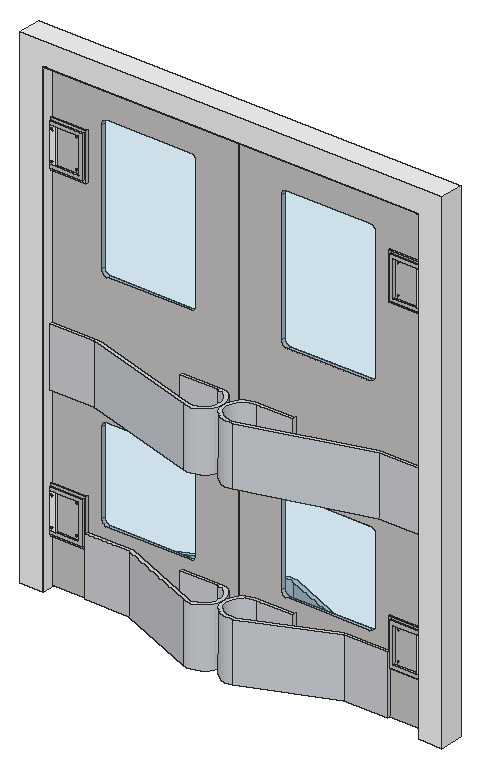
Revit family "KDL-K150-001", category Doors, host Wall, Revit 2014
Parameters
  WarrantyStartDate = "n/a"
  WarrantyGuarantorParts = "n/a"
  WarrantyGuarantorLabor = "n/a"
  WarrantyDurationUnit = "n/a"
  WarrantyDurationParts = "n/a"
  WarrantyDurationLabor = "n/a"
  WarrantyDescription = "n/a"
  VisionPanelFromLockEdge = 180 mm
  VisionPanel2Height = 400 mm
  VisionPanel2FromBottom = 300 mm
  VisionPanelWidth = 400 mm
  VisionPanel1Height = 600 mm
  VisionPanel1FromBottom = 1250 mm
  Version = "1"  # constant formula
  VPRadius = 25 mm
  Uniclass2015Version = "n/a"
  Uniclass2015Title = "n/a"
  Uniclass2015Code = "n/a"
  Undercut [instance] = 10 mm
  URL = "www.kenfield.com"
  Type Comments = "n/a"
  Thickness = 0 mm
  TagNumber = "n/a"
  SustainabilityPerformance = "n/a"
  StructuralOpeningWidth [instance] = 1800 mm
  StructuralOpeningHeight [instance] = 2100 mm
  Size = "n/a"
  Shape = "n/a"
  SerialNumber = "n/a"
  Rough Width = 0 mm
  Rough Height = 0 mm
  Revision = "n/a"
  ReplacementCost = "n/a"
  ProductInformation = "n/a"
  OmniClassVersion = "n/a"
  OmniClassTitle = "n/a"
  OmniClassCode = "n/a"
  NominalWidth = 0 mm
  NominalLength = 0 mm
  NominalHeight = 0 mm
  Name = "n/a"
  NBSTypeID = "n/a"
  NBSReference = "n/a"
  NBSOfficeMasterTag = "n/a"
  NBSNote = "n/a"
  NBSDescription = Description  # "Equal Door 1 Vision Panel NFR"
  NBSCertification = "n/a"
  ModelReference = "n/a"
  ModelNumber = "n/a"
  Model = "n/a"
  Material = "Polyurethane"
  ManufacturerURL = "n/a"
  ManufacturerName = Manufacturer  # "Kenfield"
  Manufacturer = "Kenfield"
  LippingSpecies = "n/a"
  Keynote = "n/a"
  JambTolerance = 5 mm
  IronmongerySetRef = "n/a"
  InstallationDate = "n/a"
  Hingle/PivotType = "Tension adjustable Zinc plated Steel double action hinge with self lubricating enclosed high\r\ntensile springs"
  HingeFromTop = 300 mm
  HingeFromBottom = 300 mm
  HeadTolerance = 5 mm
  Grade = "n/a"
  Function = Interior
  FrameWidth [instance] = 150 mm
  FrameThickness = 100 mm
  FrameMaterial = FrameMaterial
  FrameFinish = "n/a"
  Height = 2100 mm
  Wall Closure = By host
  Width = 1800 mm
  FrameDepth = 100 mm
  FireRating = Fire Rating  # "NFR"
  Fire Rating = "NFR"
  Finish = "n/a"
  Features = "n/a"
  ExposedOrConcealedLipping = "n/a"
  ExpectedLife = "years"
  DurationUnit = "years"
  DoorWidth [instance] = 792 mm
  DoorTolerance = 3 mm
  DoorThickness [instance] = 15 mm
  DoorHeight [instance] = 1982 mm
  DoorFinish = Finish  # "n/a"
  DoorFacingType = "Polyurethane"
  DoorFacingSpecies = DoorMaterial
  DoorCore = "Insulation"
  Description = "Equal Door 1 Vision Panel NFR"
  Cost = 0
  Constituents = "n/a"
  Color = "n/a"
  CodePerformance = "n/a"
  Category = "n/a"
  BarCode = "n/a"
  BIMObjectName = Model  # "n/a"
  Author = "TM"
  AssetType = "n/a"
  AssetIdentifier = "n/a"
  Assembly Code = ""
  Analytic Construction = "<None>"
  AcousticRating = "n/a"
  AccessibilityPerformance = "n/a"
Reference planes
  plane 1: y = 0
  plane 2 "Center (Left/Right)": x = 0
  plane 3 "Left": x = -900
  plane 4 "Right": x = 900
  plane 5: z = 2100
  plane 6 "Exterior": y = 75
  plane 7 "Interior": y = -75
  plane 8: x = -895
  plane 9: x = 895
  plane 10: x = -795
  plane 11: x = 795
  plane 12: x = -792
  plane 13: x = 792
  plane 14: z = 2095
  plane 15: z = 1995
  plane 16: z = 1992
  plane 17: z = 10
  plane 18: y = 10
  plane 19: x = -1
  plane 20: x = 1
  plane 21: y = -53.5
  plane 22: x = -799
  plane 23: y = 73.5
  plane 24: y = 10
  plane 25: z = 1260
  plane 26: x = -181
  plane 27: x = 181
  plane 28: y = -75
  plane 29: z = 1860
  plane 30: x = -581
  plane 31: z = 1560
  plane 32: x = 581
  plane 33: z = 1050
  plane 34: y = 0
  plane 35: z = 1692
  plane 36: z = 300
  plane 37: z = 310
  plane 38: z = 710
  plane 39: y = 50
  plane 40: y = -50
  plane 41: x = -642
  plane 42: x = 642
Forms (mm)
  Sweep 1, solid, material "FrameMaterial" <- "FrameMaterial"
    path origin (0, -75, 0) x (1, 0, 0) y (0, 0, 1)
      loop
        line (-895, 0) -> (-895, 2095) -> (895, 2095) -> (895, 0)
    profile origin (-895, -75, 1047.5) x (-1, 0, 0) y (0, -1, 0)
      loop
        line (0, -25) -> (-98.513, -25)
        arc (-98.513, -25) -> (-99.565, -25.435) -> (-100, -26.487) r 1.487
        line (-100, -26.487) -> (-100, -123.526)
        arc (-100, -123.526) -> (-99.568, -124.568) -> (-98.526, -125) r 1.474
        line (-98.526, -125) -> (0, -125) -> (0, -25)
  Extrusion 2, solid, material "Steel"
    sketch origin (-594.107, -317.5, 10) x (-1, 0, 0) y (0, -1, 0)
      loop
        line (197.893, -310) -> (-594.107, -310) -> (-594.107, -325) -> (197.893, -325) -> (197.893, -310)
    from 1982 to 0
  Extrusion 3, solid, material "Steel"
    sketch origin (-594.107, -317.5, 10) x (-1, 0, 0) y (0, -1, 0)
      loop
        line (-594.107, -310) -> (-1386.107, -310) -> (-1386.107, -325) -> (-594.107, -325) -> (-594.107, -310)
    from 0 to 1982
  Extrusion 4, void
    sketch origin (0, -75, 0) x (1, 0, 0) y (0, 0, 1)
      loop
        arc (-556, 1860) -> (-573.678, 1852.678) -> (-581, 1835) r 25
        line (-581, 1835) -> (-581, 1285)
        arc (-581, 1285) -> (-573.678, 1267.322) -> (-556, 1260) r 25
        line (-556, 1260) -> (-206, 1260)
        arc (-206, 1260) -> (-188.322, 1267.322) -> (-181, 1285) r 25
        line (-181, 1285) -> (-181, 1835)
        arc (-181, 1835) -> (-188.322, 1852.678) -> (-206, 1860) r 25
        line (-206, 1860) -> (-556, 1860)
    from 0 to -85
  Extrusion 5, solid, material "Glass"
    sketch origin (0, 7.5, 10) x (-1, 0, 0) y (0, 0, 1)
      loop
        line (556, 1850) -> (206, 1850)
        arc (206, 1850) -> (188.322, 1842.678) -> (181, 1825) r 25
        line (181, 1825) -> (181, 1275)
        arc (181, 1275) -> (188.322, 1257.322) -> (206, 1250) r 25
        line (206, 1250) -> (556, 1250)
        arc (556, 1250) -> (573.678, 1257.322) -> (581, 1275) r 25
        line (581, 1275) -> (581, 1825)
        arc (581, 1825) -> (573.678, 1842.678) -> (556, 1850) r 25
    from -15 to 0
  Extrusion 6, void
    sketch origin (792, 7.5, 10) x (1, 0, 0) y (0, 0, 1)
      loop
        arc (-211, 1825) -> (-218.322, 1842.678) -> (-236, 1850) r 25
        line (-236, 1850) -> (-586, 1850)
        arc (-586, 1850) -> (-603.678, 1842.678) -> (-611, 1825) r 25
        line (-611, 1825) -> (-611, 1275)
        arc (-611, 1275) -> (-603.678, 1257.322) -> (-586, 1250) r 25
        line (-586, 1250) -> (-236, 1250)
        arc (-236, 1250) -> (-218.322, 1257.322) -> (-211, 1275) r 25
        line (-211, 1275) -> (-211, 1825)
    from 0 to 50
  Extrusion 7, solid, material "Glass"
    sketch origin (0, -75, 0) x (1, 0, 0) y (0, 0, 1)
      loop
        line (181, 1835) -> (181, 1285)
        arc (181, 1285) -> (188.322, 1267.322) -> (206, 1260) r 25
        line (206, 1260) -> (556, 1260)
        arc (556, 1260) -> (573.678, 1267.322) -> (581, 1285) r 25
        line (581, 1285) -> (581, 1835)
        arc (581, 1835) -> (573.678, 1852.678) -> (556, 1860) r 25
        line (556, 1860) -> (206, 1860)
        arc (206, 1860) -> (188.322, 1852.678) -> (181, 1835) r 25
    from -67.5 to -82.5
  Extrusion 8, void
    sketch origin (-5000, 75, 105.41) x (1, 0, 0) y (0, 0, 1)
      loop
        arc (5556, 204.59) -> (5573.678, 211.913) -> (5581, 229.59) r 25
        line (5581, 229.59) -> (5581, 579.59)
        arc (5581, 579.59) -> (5573.678, 597.268) -> (5556, 604.59) r 25
        line (5556, 604.59) -> (5206, 604.59)
        arc (5206, 604.59) -> (5188.322, 597.268) -> (5181, 579.59) r 25
        line (5181, 579.59) -> (5181, 229.59)
        arc (5181, 229.59) -> (5188.322, 211.913) -> (5206, 204.59) r 25
        line (5206, 204.59) -> (5556, 204.59)
      loop
        line (4819, 229.59) -> (4819, 579.59)
        arc (4819, 579.59) -> (4811.678, 597.268) -> (4794, 604.59) r 25
        line (4794, 604.59) -> (4444, 604.59)
        arc (4444, 604.59) -> (4426.322, 597.268) -> (4419, 579.59) r 25
        line (4419, 579.59) -> (4419, 229.59)
        arc (4419, 229.59) -> (4426.322, 211.913) -> (4444, 204.59) r 25
        line (4444, 204.59) -> (4794, 204.59)
        arc (4794, 204.59) -> (4811.678, 211.913) -> (4819, 229.59) r 25
    from 0 to 250
  Extrusion 9, solid, material "Glass"
    sketch origin (-5000, 75, 105.41) x (-1, 0, 0) y (0, 0, 1)
      loop
        arc (-5556, 604.59) -> (-5573.678, 597.268) -> (-5581, 579.59) r 25
        line (-5581, 579.59) -> (-5581, 229.59)
        arc (-5581, 229.59) -> (-5573.678, 211.913) -> (-5556, 204.59) r 25
        line (-5556, 204.59) -> (-5206, 204.59)
        arc (-5206, 204.59) -> (-5188.322, 211.913) -> (-5181, 229.59) r 25
        line (-5181, 229.59) -> (-5181, 579.59)
        arc (-5181, 579.59) -> (-5188.322, 597.268) -> (-5206, 604.59) r 25
        line (-5206, 604.59) -> (-5556, 604.59)
      loop
        line (-4444, 604.59) -> (-4794, 604.59)
        arc (-4794, 604.59) -> (-4811.678, 597.268) -> (-4819, 579.59) r 25
        line (-4819, 579.59) -> (-4819, 229.59)
        arc (-4819, 229.59) -> (-4811.678, 211.913) -> (-4794, 204.59) r 25
        line (-4794, 204.59) -> (-4444, 204.59)
        arc (-4444, 204.59) -> (-4426.322, 211.913) -> (-4419, 229.59) r 25
        line (-4419, 229.59) -> (-4419, 579.59)
        arc (-4419, 579.59) -> (-4426.322, 597.268) -> (-4444, 604.59) r 25
    from -82.5 to -67.5
Cuts and joins
  Extrusion 4, Extrusion 8 cuts Extrusion 2
  Extrusion 6, Extrusion 8 cuts Extrusion 3
Lines and regions (mm)
  Opening 1
    outline origin (-3050, -75, 0) x (1, 0, 0) y (0, 0, 1)
      loop
        line (2150, 0) -> (3950, 0) -> (3950, 2100) -> (2150, 2100) -> (2150, 0)
  symbolic lines, style "Elevation Swing"
    curve 1: line (0, -75, 1993.043) -> (-792, -75, 1050)
    curve 2: line (-792, -75, 1050) -> (-0.544, -75, 8.648)
    curve 3: line (-0.544, -75, 8.648) -> (792, -75, 1050)
    curve 4: line (792, -75, 1050) -> (0, -75, 1993.043)
Text (mm)
  text "Exterior" at (-2295.016, 1099.543, 0), in view "Ref. Level"
  text "Exterior" at (0, 1615.38, 3698.081), in view "Left"
  text "Exterior" at (0, 1036.032, 3874.932), in view "Right"
Dimensions and locks
  equal spacing: plane 3 "Left", plane 2 "Center (Left/Right)", plane 4 "Right"
  "StructuralOpeningWidth": plane 3 "Left" to plane 4 "Right"
  "StructuralOpeningHeight": plane 5 to host wall
  host wall to plane 5 = 2100 mm  (x2)
  plane 6 "Exterior" to host wall = 0 mm
  plane 7 "Interior" to host wall = 0 mm
  "HeadTolerance": plane 5 to plane 14
  "FrameThickness": plane 14 to plane 15
  "DoorTolerance": plane 15 to plane 16
  "JambTolerance": plane 3 "Left" to plane 8
  "FrameThickness": plane 8 to plane 10
  "DoorTolerance": plane 10 to plane 12
  "JambTolerance": plane 9 to plane 4 "Right"
  "FrameThickness": plane 11 to plane 9
  "DoorTolerance": plane 13 to plane 11
  "Undercut": plane 17 to level
  "DoorHeight": plane 16 to plane 17
  "FrameWidth": plane 7 "Interior" to plane 6 "Exterior"
  equal spacing: plane 19, plane 2 "Center (Left/Right)", plane 20
  "DoorWidth": plane 2 "Center (Left/Right)" to plane 12
  "VisionPanel1FromBottom": plane 25 to cut or joined group of Extrusion 2, Extrusion 4, Extrusion 8
  "VisionPanelFromLockEdge": plane 19 to plane 26
  "VisionPanelFromLockEdge": plane 27 to plane 20
  "VisionPanel1Height": plane 29 to plane 25
  "VisionPanelWidth": plane 26 to plane 30
  "VisionPanelWidth": plane 32 to plane 27
  equal spacing: plane 5, plane 33, level
  cut or joined group of Extrusion 3, Extrusion 6, Extrusion 8 to cut or joined group of Extrusion 3, Extrusion 6, Extrusion 8 = 1982 mm
  equal spacing: Sweep 1, plane 34, Sweep 1
  equal spacing: cut or joined group of Extrusion 2, Extrusion 4, Extrusion 8, plane 34, cut or joined group of Extrusion 2, Extrusion 4, Extrusion 8
  "HingeFromBottom": level to plane 36
  "HingeFromTop": plane 35 to plane 16
  "VisionPanel2Height": plane 38 to plane 37
  nested 16 to plane 17 = 5 mm
  nested 9 to plane 17 = 1000 mm
  plane 17 to nested 14 = 5 mm
  plane 17 to nested 12 = 1000 mm
  "FrameDepth": plane 39 to plane 40
  equal spacing: plane 39, host wall, plane 40
  locked: plane 12 to plane 41 at 150
  locked: plane 42 to plane 13 at 150
  "VisionPanel2FromBottom": plane 37 to cut or joined group of Extrusion 2, Extrusion 4, Extrusion 8
  "VPRadius": radius of Extrusion 4 sketch curve  (x4)
  "VPRadius": radius of Extrusion 8 sketch curve  (x8)
  "VPRadius": radius of Extrusion 9 sketch curve  (x8)
  "VPRadius": radius of Extrusion 7 sketch curve  (x2)
  radius of Extrusion 7 sketch curve = 25 mm
  "VPRadius": radius of Extrusion 6 sketch curve  (x2)
  "VPRadius": radius of Extrusion 5 sketch curve  (x4)
  aligned and locked: plane 3 "Left" to Opening 1 sketch curve
  aligned and locked: plane 5 to Opening 1 sketch curve  (x2)
  aligned and locked: Opening 1 sketch curve to plane 4 "Right"
  aligned and locked: Opening 1 sketch curve to level
  aligned and locked: plane 8 to Sweep 1 sketch curve  (x2)
  aligned and locked: Sweep 1 sketch curve to plane 14
  aligned and locked: Sweep 1 sketch curve to plane 9
  aligned and locked: Sweep 1 sketch curve to plane 10
  aligned and locked: plane 18 to plane 24
  aligned and locked: plane 12 to Extrusion 2 sketch curve
  aligned and locked: plane 16 to Extrusion 2
  aligned and locked: Extrusion 3 sketch curve to plane 13
  aligned and locked: Extrusion 3 to plane 16
  aligned and locked: plane 28 to plane 7 "Interior"
  aligned and locked: plane 30 to Extrusion 4 sketch curve
  aligned and locked: Extrusion 4 sketch curve to plane 26
  aligned and locked: Extrusion 4 sketch curve to plane 29
  aligned and locked: plane 25 to Extrusion 4 sketch curve
  aligned and locked: plane 2 "Center (Left/Right)" to Extrusion 3 sketch curve
  aligned and locked: Extrusion 2 sketch curve to plane 2 "Center (Left/Right)"
  aligned and locked: Extrusion 7 sketch curve to plane 29
  aligned and locked: Extrusion 6 sketch curve to plane 29
  aligned and locked: plane 27 to Extrusion 6 sketch curve
  aligned and locked: plane 32 to Extrusion 6 sketch curve
  aligned and locked: plane 25 to Extrusion 6 sketch curve
  aligned and locked: Extrusion 7 to plane 25
  aligned and locked: plane 29 to Extrusion 5 sketch curve
  aligned and locked: plane 26 to Extrusion 5 sketch curve
  aligned and locked: Extrusion 5 sketch curve to plane 30
  aligned and locked: Extrusion 5 sketch curve to plane 25
  aligned and locked: cut or joined group of Extrusion 3, Extrusion 6, Extrusion 8 to Extrusion 7
  aligned and locked: cut or joined group of Extrusion 2, Extrusion 4, Extrusion 8 to Extrusion 7
  aligned and locked: cut or joined group of Extrusion 2, Extrusion 4, Extrusion 8 to Extrusion 9  (x2)
  aligned and locked: plane 13 to nested 1
  aligned and locked: plane 13 to nested 2
  aligned and locked: nested 3 to plane 12
  aligned and locked: nested 4 to plane 12
  aligned and locked: nested 3 to plane 35
  aligned and locked: plane 35 to nested 1
  aligned and locked: plane 36 to nested 4
  aligned and locked: nested 2 to plane 36
  aligned and locked: nested 8 to plane 12
  aligned and locked: nested 7 to plane 12
  aligned and locked: plane 13 to nested 6
  aligned and locked: plane 13 to nested 5
  aligned and locked: plane 35 to nested 8
  aligned and locked: nested 5 to plane 35
  aligned and locked: nested 7 to plane 36
  aligned and locked: plane 36 to nested 6
  aligned and locked: plane 37 to Extrusion 9 sketch curve
  aligned and locked: Extrusion 9 sketch curve to plane 37
  aligned and locked: Extrusion 9 sketch curve to plane 38
  aligned and locked: plane 38 to Extrusion 9 sketch curve
  aligned and locked: plane 30 to Extrusion 9 sketch curve
  aligned and locked: Extrusion 9 sketch curve to plane 26
  aligned and locked: Extrusion 9 sketch curve to plane 27
  aligned and locked: Extrusion 9 sketch curve to plane 32
  aligned and locked: plane 38 to Extrusion 8 sketch curve
  aligned and locked: Extrusion 8 sketch curve to plane 37
  aligned and locked: plane 37 to Extrusion 8 sketch curve
  aligned and locked: Extrusion 8 sketch curve to plane 38
  aligned and locked: nested 11 to plane 20
  aligned and locked: nested 10 to plane 20
  aligned and locked: plane 19 to nested 9
  aligned and locked: plane 19 to nested 16
  aligned and locked: nested 11 to nested 16
  aligned and locked: nested 10 to nested 9
  aligned and locked: nested 15 to plane 20
  aligned and locked: nested 13 to plane 20
  aligned and locked: plane 19 to nested 12
  aligned and locked: plane 19 to nested 14
  aligned and locked: nested 14 to nested 13
  aligned and locked: Sweep 1 sketch curve to plane 39
  aligned and locked: Sweep 1 sketch curve to plane 40
  aligned and locked: nested 12 to plane 12
  aligned and locked: nested 9 to plane 12
  aligned and locked: nested 10 to plane 13
  aligned and locked: nested 16 to plane 41
  aligned and locked: nested 14 to plane 41
  aligned and locked: plane 42 to nested 13
  aligned and locked: nested 11 to plane 42
Automatic sketch dimensions
  Sweep 1 sketch curve to level = 0 mm  (x2)
  curve 1 to plane 12 = 0 mm
  curve 4 to plane 2 "Center (Left/Right)" = 0 mm
  curve 4 to plane 13 = 0 mm
  curve 2 to plane 33 = 0 mm
  curve 3 to plane 33 = 0 mm
  plane 19 to curve 2 = 0.456 mm
  curve 3 to plane 17 = 1.352 mm
  plane 16 to curve 4 = 1.043 mm
  Extrusion 2 sketch curve to host wall = 7.5 mm
  plane 1 to Extrusion 2 sketch curve = 7.5 mm
  Extrusion 3 sketch curve to plane 18 = 2.5 mm
  plane 1 to Extrusion 3 sketch curve = 7.5 mm
  Sweep 1 sketch curve to plane 39 = 1.474 mm
  Sweep 1 sketch curve to Sweep 1 sketch curve = 1.487 mm
  Extrusion 6 sketch curve to Extrusion 6 sketch curve = 25 mm  (x2)
  Extrusion 7 sketch curve to plane 27 = 0 mm
  Extrusion 7 sketch curve to plane 25 = 0 mm
  plane 32 to Extrusion 7 sketch curve = 0 mm
  Extrusion 7 sketch curve to Extrusion 7 sketch curve = 25 mm
  plane 32 to Extrusion 7 sketch curve = 25 mm
  Extrusion 8 sketch curve to plane 30 = 0 mm
  Extrusion 8 sketch curve to plane 26 = 0 mm
  Extrusion 8 sketch curve to plane 27 = 0 mm
  plane 32 to Extrusion 8 sketch curve = 0 mm
Nested families
  nested 1: "Hinge" at (717, 7.5, 1692) x (1, 0, 0) z (0, 1, 0), type "Hinge"
  nested 2: "Hinge" at (717, 7.5, 300) x (1, 0, 0) z (0, 1, 0), type "Hinge"
  nested 3: "Hinge" at (-717, 7.5, 1692) x (-1, 0, 0) z (0, 1, 0), type "Hinge"
  nested 4: "Hinge" at (-717, 7.5, 300) x (-1, 0, 0) z (0, 1, 0), type "Hinge"
  nested 5: "Hinge" at (717, -7.5, 1692) x (1, 0, 0) z (0, -1, 0), type "Hinge"
  nested 6: "Hinge" at (717, -7.5, 300) x (1, 0, 0) z (0, -1, 0), type "Hinge"
  nested 7: "Hinge" at (-717, -7.5, 300) x (-1, 0, 0) z (0, -1, 0), type "Hinge"
  nested 8: "Hinge" at (-717, -7.5, 1692) x (-1, 0, 0) z (0, -1, 0), type "Hinge"
  nested 9: "Bumper" at (-1, -7.5, 885) x (1, 0, 0) z (0, -1, 0), type "Bumper", detail levels coarse+fine
    with DoorWidth 791 mm
  nested 10: "Bumper" at (1, -7.5, 885) x (-1, 0, 0) z (0, -1, 0), type "Bumper", detail levels coarse+fine
    with DoorWidth 791 mm
  nested 11: "Bumper" at (1, -7.5, 140) x (-1, 0, 0) z (0, -1, 0), type "Bumper", detail levels coarse+fine
    with DoorWidth 641 mm
  nested 12: "Bumper" at (-1, 7.5, 885) x (1, 0, 0) z (0, 1, 0), type "Bumper", detail levels coarse+fine
    with DoorWidth 791 mm
  nested 13: "Bumper" at (1, 7.5, 140) x (-1, 0, 0) z (0, 1, 0), type "Bumper", detail levels coarse+fine
    with DoorWidth 641 mm
  nested 14: "Bumper" at (-1, 7.5, 140) x (1, 0, 0) z (0, 1, 0), type "Bumper", detail levels coarse+fine
    with DoorWidth 641 mm
  nested 15: "Bumper" at (1, 7.5, 885) x (-1, 0, 0) z (0, 1, 0), type "Bumper", detail levels coarse+fine
    with DoorWidth 791 mm
  nested 16: "Bumper" at (-1, -7.5, 140) x (1, 0, 0) z (0, -1, 0), type "Bumper", detail levels coarse+fine
    with DoorWidth 641 mm
Definition of nested family "Hinge"
  Parameters (values of type "Hinge")
    Default Elevation = 1219.2 mm
  Reference planes
    plane 1 "Center (Front/Back)": y = 0
    plane 2: z = 0
    plane 3 "Center (Left/Right)": x = 0
  Forms (mm)
    Extrusion 1, solid
      sketch origin (0, 0, 0) x (1, 0, 0) y (0, 1, 0)
        loop
          line (-1219.2, 1219.2) -> (-1219.2, -1219.2) -> (1219.2, -1219.2) -> (1219.2, 1219.2) -> (-1219.2, 1219.2)
      from 0 to -304.8
    Sweep 2, solid, material "Steel"
      path origin (0, -100, 0) x (1, 0, 0) y (0, 1, 0)
        loop
          line (75, 0) -> (-75, 0) -> (-75, 200) -> (75, 200)
      profile origin (-75, 0, 0) x (-1, 0, 0) y (0, 0, 1)
        loop
          line (0, 0.001) -> (0, 7.501) -> (-10, 7.501) -> (-10, 14.962) -> (-25, 14.962) -> (-25, 0.001) -> (0, 0.001)
    Extrusion 3, solid, material "Steel"
      sketch origin (0, -100, 0) x (1, 0, 0) y (0, 1, 0)
        loop
          line (-50, 175) -> (-50, 25) -> (50, 25) -> (50, 175) -> (-50, 175)
      from 0 to 5
    Extrusion 4, void
      sketch origin (0, -100, 0) x (1, 0, 0) y (0, 1, 0)
        loop
          circle (-35.608, 162.203) r 5
        loop
          circle (-35.608, 37.797) r 5
      from -75.268 to 45.006
    Extrusion 5, solid, material "Hinge"
      sketch origin (0, -100, 0) x (1, 0, 0) y (0, 1, 0)
        loop
          line (75, 175) -> (50, 175) -> (50, 25) -> (75, 25) -> (75, 175)
      from 0 to 15
    Extrusion 6, void
      sketch origin (0, -100, 0) x (1, 0, 0) y (0, 1, 0)
        loop
          circle (62.5, 162.203) r 5
        loop
          circle (62.5, 37.797) r 5
      from -33.673 to 42.76
  Cuts and joins
    Extrusion 4 cuts Extrusion 3
    Extrusion 4 cuts Sweep 2
    Extrusion 6 cuts Extrusion 5
  Dimensions and locks
    aligned and locked: plane 2 to Extrusion 1
    aligned and locked: level to Extrusion 1
Definition of nested family "Bumper"
  Parameters (values of type "Bumper")
    DoorWidth [instance] = 650 mm
    Default Elevation = 1219.2 mm
  Reference planes
    plane 1 "Center (Front/Back)": y = 0
    plane 2: z = 0
    plane 3 "Center (Left/Right)": x = 0
    plane 4: x = -650
  Forms (mm)
    Extrusion 1, solid
      sketch origin (0, 0, 0) x (1, 0, 0) y (0, 1, 0)
        loop
          line (-1219.2, 1219.2) -> (-1219.2, -1219.2) -> (1219.2, -1219.2) -> (1219.2, 1219.2) -> (-1219.2, 1219.2)
      from 0 to -304.8
    Sweep 2, solid
      path origin (0, 0, 0) x (1, 0, 0) y (0, 0, 1)
        loop
          line (-238.742, 0) -> (-82.5, 0)
          arc (-82.5, 0) -> (-0.681, 93.078) -> (-103.481, 162.287) r 82.5
          line (-103.481, 162.287) -> (-463.585, 15) -> (-650, 15)
      profile origin (-160.621, 0, 0) x (0, 0, 1) y (0, -1, 0)
        loop
          line (15, -125) -> (15, 125) -> (0, 125) -> (0, -125) -> (15, -125)
  Dimensions and locks
    "DoorWidth": plane 3 "Center (Left/Right)" to plane 4
    aligned and locked: plane 2 to Extrusion 1
    aligned and locked: level to Extrusion 1
    aligned and locked: level to Sweep 2 sketch curve
    aligned and locked: plane 4 to Sweep 2 sketch curve
  Automatic sketch dimensions
    Extrusion 1 sketch curve to Extrusion 1 sketch curve = 2438.4 mm  (x2)
    Sweep 2 sketch curve to profile plane = 0 mm
    Sweep 2 sketch curve to Sweep 2 sketch curve = 15 mm
    Sweep 2 sketch curve to plane 1 "Center (Front/Back)" = 125 mm
    plane 1 "Center (Front/Back)" to Sweep 2 sketch curve = 125 mm
    level to Sweep 2 sketch curve = 15 mm
    Sweep 2 sketch curve to plane 4 = 186.415 mm
    Sweep 2 sketch curve to plane 3 "Center (Left/Right)" = 103.481 mm
    Sweep 2 sketch curve to plane 3 "Center (Left/Right)" = 82.5 mm
    Sweep 2 sketch curve to Sweep 2 sketch curve = 82.5 mm
    Sweep 2 sketch curve to Sweep 2 sketch curve = 156.242 mm
